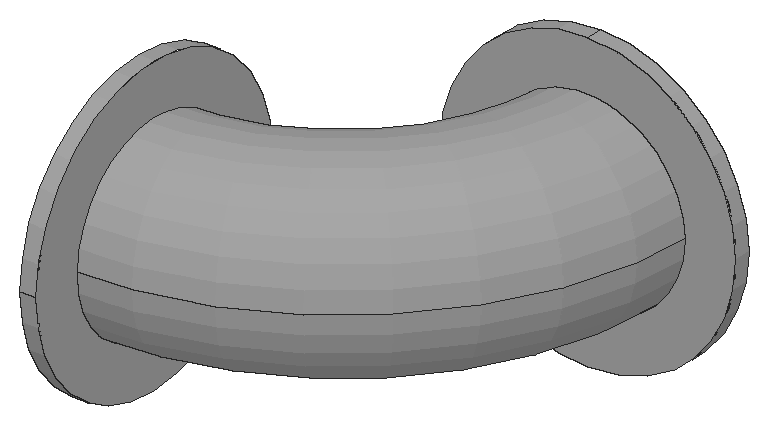
Revit family "Duc_FLA_Curvas", category Pipe Fittings, Revit 2025
Family settings
  Round Connector Dimension = Use Diameter
  Part Type = Elbow
  Work Plane-Based = No
  Always vertical = Yes
  Cut with Voids When Loaded = No
  Shared = Yes
Parameters
  PN [instance] = "10"
  Nominal Radius [instance] = Nominal Diameter / 2  # 150.0 mm
  Nominal Diameter [instance] = 300.0 mm
  Material_Conexao [instance] = FoFo
  Manufacturer = "SGC"
  Loss Method = Not Defined
  Tabela [instance] = "Duc_FLA_Curvas"
  Description = "Curva Flangeada"
  Default Elevation = 0.0 mm
  Corpo_R [instance] = if(Corpo_A = 90.00°, Corpo_L, Corpo_L / tan(A2))  # 400.0 mm
  Corpo_L [instance] = size_lookup(Tabela, "Corpo_L", 120.0 mm, Nominal Diameter, PN, Angle)  # 400.0 mm
  EK7 [instance] = size_lookup(Tabela, "EK7", 5.2 mm, Nominal Diameter, PN, Angle)  # 5.7 mm
  Corpo_A [instance] = size_lookup(Tabela, "Corpo_A", 90.00°, Nominal Diameter, PN, Angle)  # 90.00°
  Angle [instance] = 90.00°
  A2 [instance] = Angle / 2  # 45.00°
Reference planes
  plane 1 "Center (Front/Back)": y = 0
  plane 2: z = 0
  plane 3 "Center (Left/Right)": x = -120
  plane 4: x = -520
  plane 5: y = 400
Forms (mm)
  Sweep 1, solid, material "FoFo" <- "Material_Conexao"
    path origin (0, 0, 0) x (1, 0, 0) y (0, 1, 0)
      loop
        arc (-520, 0) -> (-237.157, 117.157) -> (-120, 400) r 400
    profile origin (-237.157, 117.157, 0) x (-0.707107, 0.707107, 0) y (0, 0, 1)
      loop
        circle (0, 0) r 150
Lines and regions (mm)
  reference lines
    curve 1: line (-520, 0, 0) -> (-120, 0, 0)
    curve 2: line (-120, 0, 0) -> (-120, 400, 0)
Dimensions and locks
  "Corpo_L": plane 4 to plane 3 "Center (Left/Right)"
  "Corpo_R": plane 5 to plane 1 "Center (Front/Back)"
  "Corpo_L": curve 1 to curve 1
  "Corpo_L": curve 2 to curve 2
  "Corpo_R": radius of Sweep 1 sketch curve
  "Nominal Radius": radius of Sweep 1 sketch curve
  "Angle": angle Sweep 1 sketch curve to Sweep 1 sketch curve
  "Angle": angle plane 1 "Center (Front/Back)" to curve 2
  aligned and locked: Sweep 1 sketch curve to plane 4
  aligned and locked: plane 3 "Center (Left/Right)" to curve 2
  aligned and locked: plane 1 "Center (Front/Back)" to curve 2
  aligned and locked: plane 2 to nested 1
  aligned and locked: plane 1 "Center (Front/Back)" to nested 2
  aligned and locked: nested 2 to plane 2
  aligned and locked: nested 1 to Sweep 1
  aligned and locked: nested 1 to curve 2
Automatic sketch dimensions
  plane 1 "Center (Front/Back)" to Sweep 1 sketch curve = 0.0 mm
  level to Sweep 1 sketch curve = 0.0 mm
  Sweep 1 sketch curve to profile plane = 0.0 mm
Nested families
  nested 1: "Duc_FLA_Flanges" at (-120, 400, 0) x (0, 0, 1) z (0, 1, 0), Nominal Diameter <- "Nominal Diameter", type "Duc_FLA_Flanges"
    with Tabela "Duc_FLA_Flanges", PN "10", Nominal Diameter 300.0 mm, Flange_Ressalto 4.0 mm, Flange_RF 200.0 mm, Flange_QF "12", Flange_MA 15.00°, Flange_DG 370.0 mm, Flange_DFuro 23.0 mm, Flange_DF 400.0 mm, Flange_D 455.0 mm, Flange_AnguloFuros 30.00°, Flange_Altura 24.5 mm
  nested 2: "Duc_FLA_Flanges" at (-520, 0, 0) x (0, -1, 0) z (-1, 0, 0), Nominal Diameter <- "Nominal Diameter", type "Duc_FLA_Flanges"
    with Tabela "Duc_FLA_Flanges", PN "10", Nominal Diameter 300.0 mm, Flange_Ressalto 4.0 mm, Flange_RF 200.0 mm, Flange_QF "12", Flange_MA 15.00°, Flange_DG 370.0 mm, Flange_DFuro 23.0 mm, Flange_DF 400.0 mm, Flange_D 455.0 mm, Flange_AnguloFuros 30.00°, Flange_Altura 24.5 mm
Connectors
  piping at (-120, 400, 0), diameter 300, driven by "Nominal Diameter", driven by "Angle"
    settings: on Sweep 1, index 1, connector inside diameter 609.6 mm, connector length 0.0 mm, flow factor 0, pipe flow 0 GPM, pressure drop 0.00 psi, fitting loss kfactor 0, connector angle 90.00°, fixture units 0, engagement length 0.0 mm, angle of deflection 0.00°, flow configuration 0, flow direction 0, fitting loss method 0, system type 28, joint type 0, gender type 0, connector reference index -1, connector utility 0, adjustable connector no, is connector primary yes, connector description ""
  piping at (-520, 0, 0), diameter 300, driven by "Nominal Diameter", driven by "Angle"
    settings: on Sweep 1, index 2, connector inside diameter 609.6 mm, connector length 0.0 mm, flow factor 0, pipe flow 0 GPM, pressure drop 0.00 psi, fitting loss kfactor 0, connector angle 90.00°, fixture units 0, engagement length 0.0 mm, angle of deflection 0.00°, flow configuration 0, flow direction 0, fitting loss method 0, system type 28, joint type 0, gender type 0, connector reference index -1, connector utility 0, adjustable connector no, is connector primary no, connector description ""
Definition of nested family "Duc_FLA_Flanges"
  Parameters (values of type "Duc_FLA_Flanges")
    Tabela [instance] = "Duc_FLA_Flanges"
    PN [instance] = "10"
    Nominal Diameter [instance] = 100.0 mm
    Material_Conexao = none
    Manufacturer = "SGC"
    Flange_Ressalto [instance] = size_lookup(Tabela, "FRessalto", 3.0 mm, Nominal Diameter, PN)  # 3.0 mm
    Flange_RF [instance] = Flange_DF / 2  # 90.0 mm
    Flange_QF [instance] = size_lookup(Tabela, "QF", "4", Nominal Diameter, PN)  # "8"
    Flange_MA [instance] = size_lookup(Tabela, "MA", 45.00°, Nominal Diameter, PN)  # 22.50°
    Flange_DG [instance] = size_lookup(Tabela, "FG", 99.0 mm, Nominal Diameter, PN)  # 156.0 mm
    Flange_DF [instance] = size_lookup(Tabela, "FC", 125.0 mm, Nominal Diameter, PN)  # 180.0 mm
    Flange_D [instance] = size_lookup(Tabela, "FD", 165.0 mm, Nominal Diameter, PN)  # 220.0 mm
    Flange_AnguloFuros [instance] = size_lookup(Tabela, "AF", 90.00°, Nominal Diameter, PN)  # 45.00°
    Flange_Altura [instance] = size_lookup(Tabela, "FAltura", 19.0 mm, Nominal Diameter, PN)  # 19.0 mm
    Description = "Flange"
    Default Elevation = 0.0 mm
    Flange_DFuro [instance] = size_lookup(Tabela, "DFuro", 19.0 mm, Nominal Diameter, PN)  # 19.0 mm
  Reference planes
    plane 1 "Centro (Frente/Trás)": y = 0
    plane 2: z = 0
    plane 3 "Centro (Esquerda/Direita)": x = 0
    plane 4: z = -3
    plane 5: z = -22
  Forms (mm)
    Extrusion 1, solid, material <- "Material_Conexao"
      sketch origin (0, 0, 0) x (1, 0, 0) y (0, 1, 0)
        loop
          circle (0, 0) r 110
      from -22 to -3
    Extrusion 2, solid, material <- "Material_Conexao"
      sketch origin (0, 0, 0) x (1, 0, 0) y (0, 1, 0)
        loop
          circle (0, 0) r 78
      from 0 to -3
    Extrusion 3, void
      sketch origin (0, 0, 0) x (1, 0, 0) y (0, 1, 0)
        loop
          circle (0, 0) r 50
      from -22 to 0
  Cuts and joins
    Extrusion 3 cuts Extrusion 1
    Extrusion 3 cuts Extrusion 2
    joined: Extrusion 1, Extrusion 2
  Lines and regions (mm)
    model lines
      curve 1: line (-40, 0, 0) -> (40, 0, 0)
      curve 2: line (0, 40, 0) -> (0, -40, 0)
    reference lines
      curve 3: line (0, 0, 0) -> (83.149, 34.442, 0)
  Dimensions and locks
    "Flange_Ressalto": plane 2 to plane 4
    "Flange_Altura": plane 4 to plane 5
    "Flange_RF": curve 3 to curve 3
    "Flange_D": diameter of Extrusion 1 sketch curve
    "Flange_DG": diameter of Extrusion 2 sketch curve
    "Nominal Diameter": diameter of Extrusion 3 sketch curve
    "Flange_MA": angle plane 1 "Centro (Frente/Trás)" to curve 3
    aligned and locked: plane 2 to level
    aligned and locked: Extrusion 1 to plane 5
    aligned and locked: cut or joined group of Extrusion 1, Extrusion 2, Extrusion 3 to plane 4
    aligned and locked: plane 4 to cut or joined group of Extrusion 1, Extrusion 2, Extrusion 3
    aligned and locked: cut or joined group of Extrusion 1, Extrusion 2, Extrusion 3 to Extrusion 3
    aligned and locked: level to Extrusion 3
    aligned and locked: Extrusion 2 to Extrusion 1
    aligned and locked: level to Extrusion 2
    aligned and locked: plane 3 "Centro (Esquerda/Direita)" to curve 3
    aligned and locked: plane 1 "Centro (Frente/Trás)" to curve 3
  Automatic sketch dimensions
    plane 1 "Centro (Frente/Trás)" to curve 1 = 0.0 mm
    curve 1 to plane 3 "Centro (Esquerda/Direita)" = 40.0 mm
    plane 3 "Centro (Esquerda/Direita)" to curve 1 = 40.0 mm
    plane 1 "Centro (Frente/Trás)" to curve 2 = 40.0 mm
    curve 2 to plane 1 "Centro (Frente/Trás)" = 40.0 mm
    curve 2 to plane 3 "Centro (Esquerda/Direita)" = 0.0 mm
    plane 1 "Centro (Frente/Trás)" to Extrusion 1 sketch curve = 0.0 mm
    Extrusion 1 sketch curve to plane 3 "Centro (Esquerda/Direita)" = 0.0 mm
    plane 1 "Centro (Frente/Trás)" to Extrusion 2 sketch curve = 0.0 mm
    Extrusion 2 sketch curve to plane 3 "Centro (Esquerda/Direita)" = 0.0 mm
    plane 1 "Centro (Frente/Trás)" to Extrusion 3 sketch curve = 0.0 mm
    Extrusion 3 sketch curve to plane 3 "Centro (Esquerda/Direita)" = 0.0 mm
